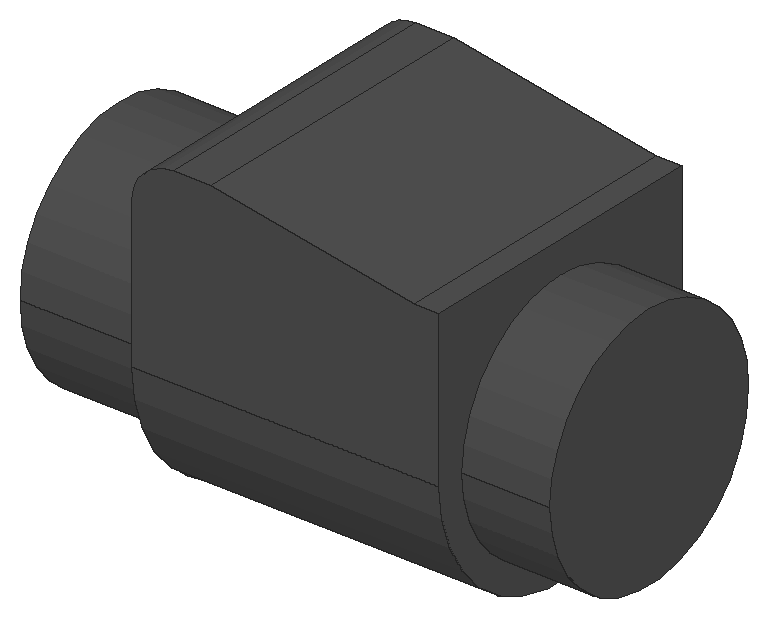
Revit family
Parameters (values of type "M-2 Check Valve")
  Viking Part Number = "12337"
  URL = "http://www.vikinggroupinc.com/databook/checkvalves/032405.pdf"
  Rev. Date = "12-17-09"
  Pressure Rating = 250.00 psi
  Model = "M-2"
  Manufacturer = "The Viking Corporation"
  Length = 9.626"
  Friction Loss (Feet of Sch 40 Pipe) = 15.000"
  Description = "M-2 Check Valve"
  Body Width = 5.500"
  Assembly Code = ""
Reference planes (in)
  plane 1 "Center (Front/Back)": y = 0
  plane 2: z = 0
  plane 3 "Center (Left/Right)": x = 0
  plane 4 "Right Side": x = 4.813
  plane 5 "Left Side": x = -4.813
  plane 6: x = -2.383
  plane 7: z = 3.438
  plane 8: x = -0.945
  plane 9: z = 2.25
  plane 10: x = 3.197
  plane 11: z = 2.813
  plane 12: x = 2.738
  plane 13: y = -2.75
  plane 14: y = 2.75
  plane 15: x = -3.117
  plane 16: z = -3
Forms (in)
  Extrusion 1, solid, material "Black Valve"
    sketch origin (0, 0, 0) x (0, 1, 0) y (0, 0, 1)
      loop
        circle (0, 0) r 2.25
    from -4.813 to 4.813
  Extrusion 2, solid, material "Black Valve"
    sketch origin (0, 0, 0) x (1, 0, 0) y (0, 0, 1)
      loop
        line (3.197, 0) -> (3.197, 2.813) -> (2.738, 2.813) -> (-0.945, 3.438) -> (-1.633, 3.438)
        arc (-1.633, 3.438) -> (-2.16333, 3.21833) -> (-2.383, 2.688) r 0.75
        line (-2.383, 2.688) -> (-2.383, 0) -> (3.197, 0)
    from -2.75 to 2.75
  Extrusion 3, solid, material "Black Valve"
    sketch origin (0, 0, 0) x (0, 1, 0) y (0, 0, 1)
      loop
        arc (-2.75, 0) -> (0, -2.75) -> (2.75, 0) r 2.75
        line (2.75, 0) -> (-2.75, 0)
    from -2.383 to 3.197
  Extrusion 4, solid, material "Black Valve"
    sketch origin (0, 0, 0) x (1, 0, 0) y (0, 1, 0)
      loop
        circle (-3.117, 0) r 0.563
    from -3 to 0
Cuts and joins
  joined: Extrusion 1, Extrusion 2, Extrusion 3, Extrusion 4
Lines and regions (in)
  model lines
    curve 1: line (-2.383, 0, 2.688) -> (-2.383, 0, 0)
    curve 2: line (-1.633, 0, 3.438) -> (-0.945, 0, 3.438)
    curve 3: arc (-1.633, 0, 3.438) -> (-2.16333, 0, 3.21833) -> (-2.383, 0, 2.688) r 0.75
    curve 4: line (2.738, 0, 2.813) -> (3.197, 0, 2.813)
    curve 5: line (-0.945, 0, 3.438) -> (2.738, 0, 2.813)
    curve 6: line (3.197, 0, 0) -> (-2.383, 0, 0)
    curve 7: line (3.197, 0, 2.813) -> (3.197, 0, 0)
Dimensions and locks (in)
  equal spacing: plane 5 "Left Side", plane 3 "Center (Left/Right)", plane 4 "Right Side"
  "Length": plane 5 "Left Side" to plane 4 "Right Side"
  plane 5 "Left Side" to plane 6 = 2.430"
  plane 7 to plane 2 = 3.438"
  plane 5 "Left Side" to plane 8 = 3.868"
  plane 9 to plane 2 = 2.250"
  plane 4 "Right Side" to plane 10 = 1.616"
  plane 11 to plane 9 = 0.563"
  plane 4 "Right Side" to plane 12 = 2.075"
  equal spacing: plane 13, plane 1 "Center (Front/Back)", plane 14
  "Body Width": plane 13 to plane 14
  plane 5 "Left Side" to plane 15 = 1.696"
  aligned and locked: plane 5 "Left Side" to Extrusion 1
  aligned and locked: plane 4 "Right Side" to Extrusion 1
  aligned and locked: curve 1 to plane 6
  aligned and locked: plane 8 to curve 2
  aligned and locked: curve 2 to plane 7
  aligned and locked: plane 12 to curve 4
  aligned and locked: curve 4 to plane 11
  aligned and locked: plane 2 to curve 6
  aligned and locked: plane 11 to curve 7
  aligned and locked: plane 10 to curve 4
  aligned and locked: plane 10 to curve 6
  aligned and locked: Extrusion 2 to plane 14
  aligned and locked: Extrusion 2 to plane 13
  aligned and locked: plane 6 to Extrusion 3
  aligned and locked: Extrusion 3 to plane 10
  aligned and locked: Extrusion 4 to plane 16
  aligned and locked: plane 2 to Extrusion 4
Automatic sketch dimensions
  Extrusion 1 sketch curve to level = 0.000"
  Extrusion 1 sketch curve to plane 1 "Center (Front/Back)" = 0.000"
  curve 3 to plane 8 = 0.688"
  Extrusion 2 sketch curve to plane 6 = 0.000"
  Extrusion 2 sketch curve to level = 0.000"
  Extrusion 2 sketch curve to plane 11 = 0.125"
  Extrusion 2 sketch curve to plane 7 = 0.000"
  Extrusion 2 sketch curve to plane 8 = 0.000"
  Extrusion 2 sketch curve to plane 12 = 0.000"
  Extrusion 2 sketch curve to plane 11 = 0.000"
  Extrusion 2 sketch curve to plane 10 = 0.000"
  Extrusion 3 sketch curve to level = 0.000"
  Extrusion 3 sketch curve to plane 1 "Center (Front/Back)" = 0.000"
  Extrusion 3 sketch curve to plane 14 = 0.000"
  Extrusion 4 sketch curve to plane 1 "Center (Front/Back)" = 0.000"
  Extrusion 4 sketch curve to plane 15 = 0.000"
  radius of Extrusion 1 sketch curve = 2.250"
  radius of Extrusion 4 sketch curve = 0.563"
Connectors (in)
  piping at (4.813, 0, 0)
    settings: on cut or joined group of Extrusion 1, Extrusion 2, Extrusion 3, Extrusion 4, index 1
  piping at (-4.813, 0, 0)
    settings: on cut or joined group of Extrusion 1, Extrusion 2, Extrusion 3, Extrusion 4, index 2
